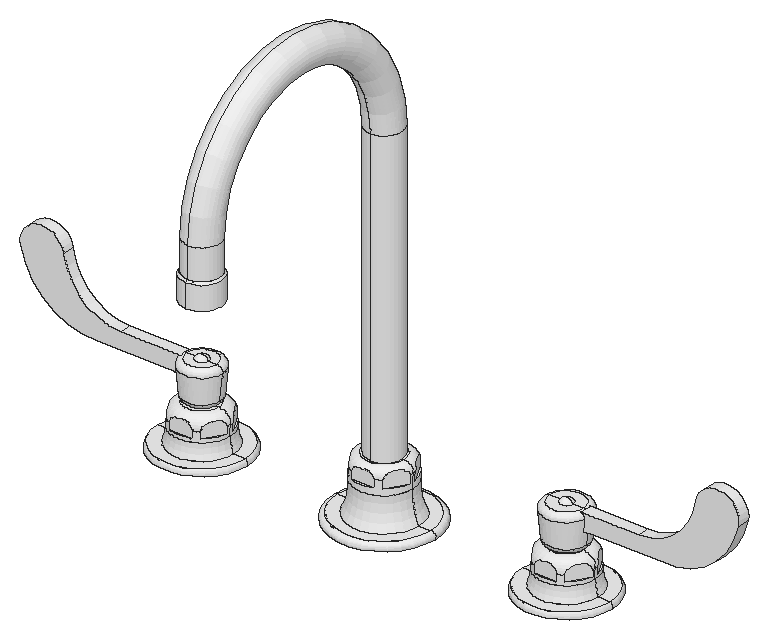
Revit family "Faucet-Lavatory-American_Standard-Monterrey-6540.17x_Series", category Plumbing Fixtures, Revit 2019
Family settings
  Round Connector Dimension = Use Diameter
  Part Type = Normal
  OmniClass Number = 23.45.55.17
  OmniClass Title = Mixing Faucets
  Work Plane-Based = Yes
  Always vertical = No
  Cut with Voids When Loaded = No
  Shared = Yes
  Room Calculation Point = No
Parameters (values of type "6540.170.002")
  Waste Connection = no
  Warranty Information = "5 Year Limited Warranty for Commercial Installations"  # constant formula
  WFU = 0
  Vent Connection = no
  URL = "http://www.americanstandard-us.com/"
  Spout Reach = 5"
  Revised Date = "06/08/2021"  # constant formula
  Reach Height = 6 1/2"
  Product Page URL = "https://www.americanstandard-us.com/bathroom/commercial-faucets/monterrey-8-inch-widespread-faucet-rigidswivel-gooseneck-spout-15-gpm-20128"
  Product Documentation Link = "https://www.americanstandard-us.com/-/media/sites/asus/files/product-specs/bulk/specsheet6540170.pdf?la=en"
  Price = "Prices may vary. Please consult Manufacturer Representative for most up-to-date price list."  # constant formula
  Model = "6540.170.002"
  Material = "Metal-American Standard-002-Polished Chrome"
  Manufacturer = "American Standard"
  Length = 15 3/4"
  Installation Type = "Deck Mounted"
  IAPMO Compliance = "These products meet or exceeds: ASME A112.18.1,CSA B125.1,NSF 372"  # constant formula
  Hot Water Connection Diameter = 1/2"  # constant formula
  Height = 10 5/8"
  Handle Distance = 8"  # constant formula
  HWFU = 1.5  # constant formula
  HW Connection = yes
  Flow Rate = "1.5 gpm (5.7 L/min)"
  Finish = Metal-American Standard-002-Polished Chrome
  Description = "Monterrey 8 Inch Widespread Faucet, Rigid/Swivel Gooseneck Spout"
  Default Elevation = 0"
  Creation Date = "02/25/2016"  # constant formula
  Cold Water Connection Diameter = 1/2"  # constant formula
  CalGreen Compliant = no
  CWFU = 1.5  # constant formula
  CW Connection = yes
  Assembly Code = "D2020300"
  ADA Compliant = yes
Types (8): name | Spout Reach | Reach Height | Product Page URL | Product Documentation Link | Model | Height | Flow Rate | Description | CalGreen Compliant
  (no name) | 5" | 6 1/2" | "https://www.americanstandard-us.com/bathroom/commercial-faucets/monterrey-8-inch-widespread-faucet-rigidswivel-gooseneck-spout-15-gpm-20128" | "https://www.americanstandard-us.com/-/media/sites/asus/files/product-specs/bulk/specsheet6540170.pdf?la=en" | "6540.170.002" | 10 5/8" | "1.5 gpm (5.7 L/min)" | "Monterrey 8 Inch Widespread Faucet, Rigid/Swivel Gooseneck Spout" | no
  6540.170.002 | 5" | 6 1/2" | "https://www.americanstandard-us.com/bathroom/commercial-faucets/monterrey-8-inch-widespread-faucet-rigidswivel-gooseneck-spout-15-gpm-20128" | "https://www.americanstandard-us.com/-/media/sites/asus/files/product-specs/bulk/specsheet6540170.pdf?la=en" | "6540.170.002" | 10 5/8" | "1.5 gpm (5.7 L/min)" | "Monterrey 8 Inch Widespread Faucet, Rigid/Swivel Gooseneck Spout" | no
  6540.171.002 | 5" | 5" | "https://www.americanstandard-us.com/bathroom/commercial-faucets/monterrey-8-inch-widespread-faucet-rigidswivel-gooseneck-spout-15-gpm-rose-spray-23121" | "https://www.americanstandard-us.com/-/media/sites/asus/files/product-specs/bulk/specsheet6540171.pdf?la=en" | "6540.171.002" | 10 1/2" | "1.5 gpm (5.7 L/min)" | "Monterrey 8 Inch Widespread Faucet, Rigid/Swivel Gooseneck Spout" | no
  6540.173.002 | 5" | 6 1/2" | "https://www.americanstandard-us.com/bathroom/commercial-faucets/monterrey-8-inch-widespread-faucet-with-rigidswivel-gooseneck-spout-and-3rd-water-inlet-15-g-28459" | "https://www.americanstandard-us.com/-/media/sites/asus/files/product-specs/commerical-faucets/specsheet-6540173.pdf?la=en" | "6540.173.002" | 10 5/8" | "1.5 gpm (5.7 L/min)" | "Monterrey 8 Inch Widespread Faucet, Rigid/Swivel Gooseneck Spout" | no
  6540.174.002 | 5" | 6 1/2" | "https://www.americanstandard-us.com/bathroom/commercial-faucets/monterrey-8-inch-widespread-faucet-rigidswivel-gooseneck-spout-035-gpm-22502" | "https://www.americanstandard-us.com/-/media/sites/asus/files/product-specs/bulk/specsheet6540174.pdf?la=en" | "6540.174.002" | 10 5/8" | "0.35 gpm (1.3L/min)" | "Monterrey 8 Inch Widespread Faucet, Rigid/Swivel Gooseneck Spout" | yes
  6540.175.002 | 5" | 6 1/2" | "https://www.americanstandard-us.com/bathroom/commercial-faucets/monterrey-8-inch-widespread-faucet-rigidswivel-gooseneck-spout-05-gpm-20435" | "https://www.americanstandard-us.com/-/media/sites/asus/files/product-specs/bulk/specsheet6540175.pdf?la=en" | "6540.175.002" | 10 5/8" | "0.5 gpm (1.9 L/min)" | "Monterrey 8 Inch Widespread Faucet, Rigid/Swivel Gooseneck Spout" | yes
  6540.177.002 | 8" | 6" | "https://www.americanstandard-us.com/bathroom/commercial-faucets/monterrey-8-inch-widespread-gooseneck-faucet-8-inch-spout-reach-05-gpm-23129" | "https://www.americanstandard-us.com/-/media/sites/asus/files/product-specs/bulk/specsheet6540177.pdf?la=en" | "6540.177.002" | 10 1/2" | "0.5 gpm (1.9 L/min)" | "Monterrey 8 Inch Widespread Gooseneck Faucet, 8 Inch Spout Reach" | yes
  6540.178.002 | 8" | 6" | "https://www.americanstandard-us.com/bathroom/commercial-faucets/monterrey-8-inch-widespread-gooseneck-faucet-8-inch-spout-reach-15-gpm-23125" | "https://www.americanstandard-us.com/-/media/sites/asus/files/product-specs/bulk/specsheet6540178.pdf?la=en" | "6540.178.002" | 10 1/2" | "1.5 gpm (5.7 L/min)" | "Monterrey 8 Inch Widespread Gooseneck Faucet, 8 Inch Spout Reach" | no
Reference planes (in)
  plane 1 "Center (Front/Back)": y = 0
  plane 2: z = 0
  plane 3 "Center (Left/Right)": x = 0
  plane 4: z = 10.625
  plane 5: y = -5
  plane 6: z = 6.5
  plane 7: x = 4
  plane 8: x = -4
  plane 9: x = -5
  plane 10: z = 0.17426
  plane 11: y = -0.375
  plane 12: y = -5.375
  plane 13: x = -3
  plane 14: x = 5
  plane 15: x = 3
  plane 16: x = 0.37856
  plane 17: x = -0.37856
  plane 18: x = -7.875
  plane 19: x = 7.875
Forms (in)
  Sweep 1, solid, material "Metal-American Standard-002-Polished Chrome" <- "Finish"
    path origin (0, 0, -1.50409) x (0, 1, 0) y (0, 0, 1)
      loop
        line (0, 2.52781) -> (0, 9.24965)
        arc (0, 9.24965) -> (-2.5, 11.74965) -> (-5, 9.24965) r 2.5
        line (-5, 9.24965) -> (-5, 8.24965)
    profile origin (0, 0, 4.38465) x (0, -1, 0) y (1, 0, 0)
      loop
        circle (0, 0) r 0.37856
  Revolve 2, solid, material "Metal-American Standard-002-Polished Chrome" <- "Finish"
    sketch origin (0, 4.5, -0.45291) x (0, 1, 0) y (0, 0, 1)
      loop
        line (-9.92726, 7.48224) -> (-9.92726, 6.98147) -> (-9.88892, 6.98147) -> (-9.86892, 6.95291) -> (-9.5, 6.95291) -> (-9.5, 7.53052) -> (-9.89345, 7.53052) -> (-9.92726, 7.48224)
      axis (-9.5, 7.53052) -> (-9.5, 6.95291)
    angle from 0 to 360
  Revolve 3, solid, material "Metal-American Standard-002-Polished Chrome" <- "Finish"
    sketch origin (0, 0, 0) x (1, 0, 0) y (0, 0, 1)
      loop
        arc (-4, 1.83383) -> (-4.07786, 1.81554) -> (-4.13264, 1.75726) r 0.13852
        line (-4.13264, 1.75726) -> (-4.32791, 1.75726)
        arc (-4.32791, 1.75726) -> (-4.42046, 1.71627) -> (-4.45232, 1.62019) r 0.125
        line (-4.45232, 1.62019) -> (-4.39778, 1.05773)
        arc (-4.39778, 1.05773) -> (-4.36565, 0.99373) -> (-4.29886, 0.96794) r 0.09938
        line (-4.29886, 0.96794) -> (-4.17228, 0.96794) -> (-4.17228, 0.93) -> (-4.37285, 0.93)
        arc (-4.37285, 0.93) -> (-4.55339, 0.85294) -> (-4.62262, 0.66927) r 0.25
        line (-4.62262, 0.66927) -> (-4.62262, 0.45123)
        arc (-4.62262, 0.45123) -> (-4.63597, 0.28237) -> (-4.68685, 0.12081) r 0.75054
        line (-4.68685, 0.12081) -> (-4.95648, 0.12081)
        arc (-4.95648, 0.12081) -> (-4.99181, 0.0653) -> (-5, 0) r 0.15007
        line (-5, 0) -> (-4, 0) -> (-4, 1.83383)
      axis (-4, 1.83383) -> (-4, 0)
    angle from 0 to 360
  Revolve 4, solid, material "Metal-American Standard-002-Polished Chrome" <- "Finish"
    sketch origin (0, 0, 0) x (1, 0, 0) y (0, 0, 1)
      loop
        line (0, 0) -> (0, 1.32462) -> (-0.42891, 1.32462)
        arc (-0.42891, 1.32462) -> (-0.57144, 1.26558) -> (-0.63047, 1.12306) r 0.20156
        line (-0.63047, 1.12306) -> (-0.63047, 0.82462)
        arc (-0.63047, 0.82462) -> (-0.63991, 0.47235) -> (-0.76259, 0.142) r 1.07672
        line (-0.76259, 0.142) -> (-1.02139, 0.142)
        arc (-1.02139, 0.142) -> (-1.1063, 0.09564) -> (-1.12082, 0) r 0.1089
        line (-1.12082, 0) -> (0, 0)
      axis (0, 1.32462) -> (0, 0)
    angle from 0 to 360
  Extrusion 5, void
    sketch origin (0, 0, 0) x (1, 0, 0) y (0, 1, 0)
      loop
        line (-0.66376, 0) -> (-0.33188, -0.57483) -> (0.33188, -0.57483) -> (0.66376, 0) -> (0.33188, 0.57483) -> (-0.33188, 0.57483) -> (-0.66376, 0)
      loop
        circle (0, 0) r 0.75
    from 0.957 to 1.38415
  Extrusion 6, void
    sketch origin (0, 0, 0) x (1, 0, 0) y (0, 1, 0)
      loop
        line (-3.34125, 0) -> (-3.67062, 0.5705) -> (-4.32938, 0.5705) -> (-4.65875, 0) -> (-4.32938, -0.5705) -> (-3.67062, -0.5705) -> (-3.34125, 0)
      loop
        circle (-4, 0) r 0.70724
    from 0.93221 to 0.524
  Revolve 7, solid, material "Metal-American Standard-002-Polished Chrome" <- "Finish"
    sketch origin (0, 0, 0) x (-1, 0, 0) y (0, 0, -1)
      loop
        line (-4, -1.83383) -> (-4, 0) -> (-5, 0)
        arc (-5, 0) -> (-4.99181, -0.0653) -> (-4.95648, -0.12081) r 0.15007
        line (-4.95648, -0.12081) -> (-4.68685, -0.12081)
        arc (-4.68685, -0.12081) -> (-4.63597, -0.28237) -> (-4.62262, -0.45123) r 0.75054
        line (-4.62262, -0.45123) -> (-4.62262, -0.66927)
        arc (-4.62262, -0.66927) -> (-4.55339, -0.85294) -> (-4.37285, -0.93) r 0.25
        line (-4.37285, -0.93) -> (-4.17228, -0.93) -> (-4.17228, -0.96794) -> (-4.34595, -0.96794)
        arc (-4.34595, -0.96794) -> (-4.41275, -0.99373) -> (-4.44487, -1.05773) r 0.09938
        line (-4.44487, -1.05773) -> (-4.49942, -1.62019)
        arc (-4.49942, -1.62019) -> (-4.46756, -1.71627) -> (-4.375, -1.75726) r 0.125
        line (-4.375, -1.75726) -> (-4.13264, -1.75726)
        arc (-4.13264, -1.75726) -> (-4.07786, -1.81554) -> (-4, -1.83383) r 0.13852
      axis (-4, -1.83383) -> (-4, 0)
    angle from 0 to 360
  Extrusion 8, void
    sketch origin (0, 0, 0) x (-1, 0, 0) y (0, -1, 0)
      loop
        line (-3.34125, 0) -> (-3.67062, 0.5705) -> (-4.32938, 0.5705) -> (-4.65875, 0) -> (-4.32938, -0.5705) -> (-3.67062, -0.5705) -> (-3.34125, 0)
      loop
        circle (-4, 0) r 0.70724
    from 0.93221 to 0.524
  Extrusion 9, solid, material "Metal-American Standard-002-Polished Chrome" <- "Finish"
    sketch origin (0, 0, 0) x (-1, 0, 0) y (0, 0, -1)
      loop
        arc (-6.17228, -1.40079) -> (-7.25828, -1.72432) -> (-7.875, -2.67496) r 1.63938
        arc (-7.875, -2.67496) -> (-7.48691, -3.22952) -> (-6.92805, -2.84766) r 0.48132
        arc (-6.92805, -2.84766) -> (-6.51546, -2.06427) -> (-5.68745, -1.7507) r 1.25
        line (-5.68745, -1.7507) -> (-4, -1.7507) -> (-4, -1.18458) -> (-4.19638, -1.18458)
        arc (-4.19638, -1.18458) -> (-4.38259, -1.34362) -> (-4.62072, -1.40079) r 0.52452
        line (-4.62072, -1.40079) -> (-6.17228, -1.40079)
    from -0.125 to 0.125
  Extrusion 10, solid, material "Metal-American Standard-002-Polished Chrome" <- "Finish"
    sketch origin (0, 0, 0) x (1, 0, 0) y (0, 0, 1)
      loop
        line (-6.17228, 1.40079) -> (-4.62072, 1.40079)
        arc (-4.62072, 1.40079) -> (-4.38259, 1.34362) -> (-4.19638, 1.18458) r 0.52452
        line (-4.19638, 1.18458) -> (-4, 1.18458) -> (-4, 1.7507) -> (-5.68745, 1.7507)
        arc (-5.68745, 1.7507) -> (-6.51546, 2.06427) -> (-6.92805, 2.84766) r 1.25
        arc (-6.92805, 2.84766) -> (-7.48691, 3.22952) -> (-7.875, 2.67496) r 0.48132
        arc (-7.875, 2.67496) -> (-7.25828, 1.72432) -> (-6.17228, 1.40079) r 1.63938
    from -0.125 to 0.125
Cuts and joins
  Extrusion 5 cuts Sweep 1
  Extrusion 5 cuts Revolve 4
  joined: Sweep 1, Revolve 2, Revolve 4
  Extrusion 6, Extrusion 8 cuts Revolve 3
  Extrusion 8 cuts Revolve 7
  joined: Revolve 3, Revolve 7, Extrusion 9, Extrusion 10
Lines and regions (in)
  Masking region 1
    outline origin (0, 0, 0) x (1, 0, 0) y (0, 1, 0)
      loop
        line (-4.99216, 0.125) -> (-7.875, 0.125) -> (-7.875, -0.125) -> (-4.99216, -0.125)
        arc (-4.99216, -0.125) -> (-3, 0) -> (-4.99216, 0.125) r 1
      loop
        line (7.875, 0.125) -> (4.99216, 0.125)
        arc (4.99216, 0.125) -> (3, 0) -> (4.99216, -0.125) r 1
        line (4.99216, -0.125) -> (7.875, -0.125) -> (7.875, 0.125)
      loop
        line (-0.37856, -1.05496) -> (-0.37856, -4.80191)
        arc (-0.37856, -4.80191) -> (0, -5.42726) -> (0.37856, -4.80191) r 0.42726
        line (0.37856, -4.80191) -> (0.37856, -1.05496)
        arc (0.37856, -1.05496) -> (0, 1.12082) -> (-0.37856, -1.05496) r 1.12082
  symbolic lines, detail levels fine
    curve 1: circle (-4, 0, 0) r 0.13264 normal (0, 0, -1)
    curve 3: arc (-0.37856, -0.50417, 0) -> (0.00635, 0.63044, 0) -> (0.36833, -0.51169, 0) r 0.63047
    curve 7: circle (4, 0, 0) r 0.13264 normal (0, 0, 1)
    curve 13: arc (4.67538, 0.125, 0) -> (3.31315, 0, 0) -> (4.67538, -0.125, 0) r 0.68685
    curve 16: arc (-4.67538, 0.125, 0) -> (-3.31315, 0, 0) -> (-4.67538, -0.125, 0) r 0.68685
  symbolic lines, detail levels medium+fine
    curve 2: arc (0.37856, -0.66199, 0) -> (0, 0.76259, 0) -> (-0.37856, -0.66199, 0) r 0.76259
    curve 4: arc (-0.37856, 0, 0) -> (0, 0.37856, 0) -> (0.37856, 0, 0) r 0.37856
    curve 5: line (0.37856, 0, 0) -> (0.37856, -1.05496, 0)
    curve 6: line (-0.37856, 0, 0) -> (-0.37856, -1.05496, 0)
    curve 8: arc (-0.375, -4.88091, 0) -> (0, -5.39345, 0) -> (0.375, -4.88091, 0) r 0.39345
    curve 9: line (0.375, -4.79524, 0) -> (0.375, -4.88091, 0)
    curve 10: line (-0.375, -4.79524, 0) -> (-0.375, -4.88091, 0)
    curve 11: line (4.99216, 0.125, 0) -> (4.43532, 0.125, 0)
    curve 12: line (4.99216, -0.125, 0) -> (4.43532, -0.125, 0)
    curve 14: line (-4.99216, 0.125, 0) -> (-4.43532, 0.125, 0)
    curve 15: line (-4.99216, -0.125, 0) -> (-4.43532, -0.125, 0)
    curve 17: arc (-4.43532, -0.125, 0) -> (-3.54709, 0, 0) -> (-4.43532, 0.125, 0) r 0.45291
    curve 18: arc (4.43532, -0.125, 0) -> (3.54709, 0, 0) -> (4.43532, 0.125, 0) r 0.45291
Dimensions and locks (in)
  "Height": plane 4 to level
  "Spout Reach": plane 1 "Center (Front/Back)" to plane 5
  locked: Sweep 1 sketch curve to plane 11 at 0.375
  locked: plane 4 to Sweep 1 sketch curve at 2.87943
  locked: Sweep 1 sketch curve to plane 12 at 0.375
  locked: plane 5 to plane 12 at 0.375
  locked: plane 9 to plane 8 at 1
  locked: plane 13 to plane 8 at 1
  plane 15 to plane 7 to plane 14 = 1" locked, 1" locked
  "Handle Distance": plane 7 to plane 8
  equal spacing: plane 7, plane 3 "Center (Left/Right)", plane 8
  equal spacing: plane 19, plane 3 "Center (Left/Right)", plane 18
  "Length": plane 19 to plane 18
  "Reach Height": plane 6 to level
  aligned and locked: Revolve 3 sketch curve to Revolve 3 sketch curve
  aligned and locked: Revolve 3 sketch curve to plane 8
  aligned and locked: Revolve 7 sketch curve to Revolve 7 sketch curve
  aligned and locked: plane 14 to Revolve 7 sketch curve
  aligned and locked: Masking region 1 sketch curve to cut or joined group of Revolve 3, Extrusion 6, Revolve 7, Extrusion 8, Extrusion 9, Extrusion 10  (x2)
  aligned and locked: cut or joined group of Revolve 3, Extrusion 6, Revolve 7, Extrusion 8, Extrusion 9, Extrusion 10 to Masking region 1 sketch curve  (x2)
  aligned and locked: Masking region 1 sketch curve to cut or joined group of Sweep 1, Revolve 2, Revolve 4, Extrusion 5
  aligned and locked: Masking region 1 sketch curve to Revolve 2
  aligned and locked: plane 16 to Masking region 1 sketch curve
  aligned and locked: Masking region 1 sketch curve to plane 17
  aligned and locked: curve 1 to cut or joined group of Revolve 3, Extrusion 6, Revolve 7, Extrusion 8, Extrusion 9, Extrusion 10
  aligned and locked: curve 2 to cut or joined group of Sweep 1, Revolve 2, Revolve 4, Extrusion 5
  aligned and locked: curve 3 to cut or joined group of Sweep 1, Revolve 2, Revolve 4, Extrusion 5
  aligned and locked: curve 4 to cut or joined group of Sweep 1, Revolve 2, Revolve 4, Extrusion 5
  aligned and locked: curve 8 to Revolve 2
  aligned and locked: plane 16 to curve 5
  aligned and locked: plane 17 to curve 6
Automatic sketch dimensions
  curve 1 to curve 16 = 0"  (x2)
  curve 1 to curve 17 = 0"  (x2)
  curve 7 to curve 13 = 0"  (x2)
  curve 7 to curve 18 = 0"  (x2)
  curve 13 to curve 18 = 0"  (x2)
  plane 1 "Center (Front/Back)" to curve 18 = 0"
  curve 18 to plane 7 = 0"
  plane 1 "Center (Front/Back)" to curve 15 = 1/8"
  curve 15 to plane 8 = 0.43532"
  curve 14 to plane 1 "Center (Front/Back)" = 1/8"
  curve 10 to plane 5 = 0.11909"
  curve 9 to plane 5 = 0.11909"
  curve 11 to plane 1 "Center (Front/Back)" = 1/8"
  curve 11 to plane 7 = 0.43532"
  plane 1 "Center (Front/Back)" to curve 12 = 1/8"
  curve 16 to curve 15 = 0.24006"
  curve 15 to plane 9 = 0.00784"
  curve 14 to plane 9 = 0.00784"
  curve 3 to curve 2 = 0.01023"
  curve 18 to curve 13 = 0.24006"
  curve 11 to plane 14 = 0.00784"
  curve 12 to plane 14 = 0.00784"
  curve 9 to curve 9 = 0.08567"
  curve 10 to curve 10 = 0.08567"
  curve 6 to curve 2 = 0.39297"
  curve 5 to curve 2 = 0.39297"
  plane 6 to Sweep 1 sketch curve = 0.24557"
  level to Sweep 1 sketch curve = 1.02373"
  Sweep 1 sketch curve to profile plane = 0"  (x2)
  Revolve 2 sketch curve to plane 6 = 0"
  Revolve 2 sketch curve to plane 5 = 0"  (x2)
  Revolve 2 sketch curve to plane 12 = 0.00608"
  plane 12 to Revolve 2 sketch curve = 0.01392"
  plane 12 to Revolve 2 sketch curve = 0.01845"
  Revolve 2 sketch curve to Revolve 2 sketch curve = 0.03834"
  plane 6 to Revolve 2 sketch curve = 0.02857"
  Revolve 2 sketch curve to Revolve 2 sketch curve = 0.50077"
  Revolve 2 sketch curve to Revolve 2 sketch curve = 0.04828"
  Revolve 2 sketch curve to Revolve 2 sketch curve = 1.85153"
  Revolve 2 sketch curve to Revolve 2 sketch curve = 0.17914"
  Revolve 3 sketch curve to level = 0"
  plane 9 to Revolve 3 sketch curve = 0"
  plane 9 to Revolve 3 sketch curve = 0.37273"
  Revolve 3 sketch curve to plane 9 = 0.04352"
  level to Revolve 3 sketch curve = 0.01443"
  Revolve 3 sketch curve to plane 9 = 0.14937"
  Revolve 3 sketch curve to Revolve 3 sketch curve = 0.16378"
  Revolve 3 sketch curve to plane 9 = 0.37738"
  Revolve 3 sketch curve to plane 8 = 0.45232"
  Revolve 3 sketch curve to plane 8 = 0.39778"
  Revolve 3 sketch curve to Revolve 3 sketch curve = 0.02492"
  Revolve 3 sketch curve to Revolve 3 sketch curve = 0.12442"
  Revolve 3 sketch curve to Revolve 3 sketch curve = 0.07399"
  Revolve 3 sketch curve to Revolve 3 sketch curve = 0.12658"
  Revolve 3 sketch curve to plane 8 = 0.13264"
  Revolve 3 sketch curve to plane 8 = 0.00861"
  level to Revolve 3 sketch curve = 0.42558"
  Revolve 3 sketch curve to Revolve 3 sketch curve = 0.21804"
  Revolve 3 sketch curve to Revolve 3 sketch curve = 0.01074"
  Revolve 3 sketch curve to Revolve 3 sketch curve = 0.03794"
  Revolve 3 sketch curve to Revolve 3 sketch curve = 0.12773"
  Revolve 3 sketch curve to Revolve 3 sketch curve = 0.56246"
  Revolve 3 sketch curve to Revolve 3 sketch curve = 0.01207"
  Revolve 3 sketch curve to Revolve 3 sketch curve = 0.06167"
  Revolve 3 sketch curve to level = 0.17825"
  Revolve 3 sketch curve to Revolve 3 sketch curve = 0.45282"
  Revolve 4 sketch curve to level = 0"
  Revolve 4 sketch curve to plane 3 "Center (Left/Right)" = 0"  (x2)
  Revolve 4 sketch curve to Revolve 4 sketch curve = 0.42891"
  Revolve 4 sketch curve to Revolve 4 sketch curve = 0.20156"
  plane 10 to Revolve 4 sketch curve = 0.03226"
  Revolve 4 sketch curve to Revolve 4 sketch curve = 0.13211"
  level to Revolve 4 sketch curve = 0.03318"
  Revolve 4 sketch curve to Revolve 4 sketch curve = 0.25451"
  Revolve 4 sketch curve to Revolve 4 sketch curve = 0.0043"
  Revolve 4 sketch curve to Revolve 4 sketch curve = 0.67562"
  level to Revolve 4 sketch curve = 0.67694"
  Revolve 4 sketch curve to Revolve 4 sketch curve = 0.29844"
  Revolve 4 sketch curve to Revolve 4 sketch curve = 0.30223"
  Revolve 4 sketch curve to Revolve 4 sketch curve = 0.12315"
  plane 1 "Center (Front/Back)" to Extrusion 5 sketch curve = 0"  (x3)
  Extrusion 5 sketch curve to plane 3 "Center (Left/Right)" = 0"
  Extrusion 5 sketch curve to plane 3 "Center (Left/Right)" = 0.33188"  (x2)
  Extrusion 5 sketch curve to Extrusion 5 sketch curve = 0.33188"  (x2)
  plane 3 "Center (Left/Right)" to Extrusion 5 sketch curve = 0.33188"  (x2)
  plane 1 "Center (Front/Back)" to Extrusion 5 sketch curve = 0.57483"
  Extrusion 5 sketch curve to plane 1 "Center (Front/Back)" = 0.57483"
  plane 1 "Center (Front/Back)" to Extrusion 6 sketch curve = 0"  (x3)
  Extrusion 6 sketch curve to plane 8 = 0"
  Extrusion 6 sketch curve to plane 8 = 0.32938"  (x2)
  Extrusion 6 sketch curve to plane 9 = 0.34125"
  plane 8 to Extrusion 6 sketch curve = 0.32938"  (x2)
  Extrusion 6 sketch curve to plane 13 = 0.34125"
  plane 1 "Center (Front/Back)" to Extrusion 6 sketch curve = 0.5705"
  Extrusion 6 sketch curve to plane 1 "Center (Front/Back)" = 0.5705"
  Revolve 7 sketch curve to level = 0"
  plane 7 to Revolve 7 sketch curve = 0"
  plane 14 to Revolve 7 sketch curve = 0.37273"
  Revolve 7 sketch curve to plane 14 = 0.04352"
  level to Revolve 7 sketch curve = 0.01443"
  Revolve 7 sketch curve to plane 14 = 0.14937"
  Revolve 7 sketch curve to Revolve 7 sketch curve = 0.16378"
  Revolve 7 sketch curve to plane 14 = 0.37738"
  Revolve 7 sketch curve to plane 7 = 0.49942"
  Revolve 7 sketch curve to Revolve 7 sketch curve = 0.17775"
  Revolve 7 sketch curve to Revolve 7 sketch curve = 0.12442"
  Revolve 7 sketch curve to Revolve 7 sketch curve = 0.24977"
  Revolve 7 sketch curve to Revolve 7 sketch curve = 0.0269"
  Revolve 7 sketch curve to plane 7 = 0.17228"
  Revolve 7 sketch curve to plane 7 = 0.13264"
  Revolve 7 sketch curve to plane 7 = 0.00861"
  level to Revolve 7 sketch curve = 0.42558"
  Revolve 7 sketch curve to Revolve 7 sketch curve = 0.21804"
  Revolve 7 sketch curve to Revolve 7 sketch curve = 0.01074"
  Revolve 7 sketch curve to Revolve 7 sketch curve = 0.03794"
  Revolve 7 sketch curve to Revolve 7 sketch curve = 0.08979"
  Revolve 7 sketch curve to Revolve 7 sketch curve = 0.56246"
  Revolve 7 sketch curve to Revolve 7 sketch curve = 0.01207"
  Revolve 7 sketch curve to Revolve 7 sketch curve = 0.06167"
  Revolve 7 sketch curve to level = 0.17825"
  Revolve 7 sketch curve to Revolve 7 sketch curve = 0.45282"
  plane 1 "Center (Front/Back)" to Extrusion 8 sketch curve = 0"  (x3)
  Extrusion 8 sketch curve to plane 7 = 0"
  plane 7 to Extrusion 8 sketch curve = 0.32938"  (x2)
  plane 14 to Extrusion 8 sketch curve = 0.34125"
  Extrusion 8 sketch curve to plane 7 = 0.32938"  (x2)
  plane 15 to Extrusion 8 sketch curve = 0.34125"
  Extrusion 8 sketch curve to plane 1 "Center (Front/Back)" = 0.5705"
  plane 1 "Center (Front/Back)" to Extrusion 8 sketch curve = 0.5705"
  plane 19 to Extrusion 9 sketch curve = 0"
  plane 7 to Extrusion 9 sketch curve = 0"
  Extrusion 9 sketch curve to plane 19 = 0.47444"
  Extrusion 9 sketch curve to Extrusion 9 sketch curve = 1.12449"
  Extrusion 9 sketch curve to plane 14 = 1.17228"
  Extrusion 9 sketch curve to Extrusion 9 sketch curve = 0.48482"
  plane 14 to Extrusion 9 sketch curve = 0.37928"
  plane 7 to Extrusion 9 sketch curve = 0.19638"
  Extrusion 9 sketch curve to level = 0.87627"
  Extrusion 9 sketch curve to Extrusion 9 sketch curve = 0.3083"
  Extrusion 9 sketch curve to Extrusion 9 sketch curve = 0.56612"
  Extrusion 9 sketch curve to Extrusion 9 sketch curve = 1.35523"
  Extrusion 9 sketch curve to Extrusion 9 sketch curve = 1 1/4"
  Extrusion 9 sketch curve to Extrusion 9 sketch curve = 0.03619"
  Masking region 1 sketch curve to plane 18 = 0"
  Masking region 1 sketch curve to plane 19 = 0"
  Masking region 1 sketch curve to plane 9 = 0.00784"  (x2)
  plane 18 to Extrusion 10 sketch curve = 0"
  Extrusion 10 sketch curve to plane 8 = 0"
  plane 18 to Extrusion 10 sketch curve = 0.47444"
  Extrusion 10 sketch curve to Extrusion 10 sketch curve = 1.12449"
  plane 9 to Extrusion 10 sketch curve = 1.17228"
  Extrusion 10 sketch curve to Extrusion 10 sketch curve = 0.48482"
  Extrusion 10 sketch curve to plane 9 = 0.37928"
  Extrusion 10 sketch curve to plane 8 = 0.19638"
  level to Extrusion 10 sketch curve = 0.87627"
  Extrusion 10 sketch curve to Extrusion 10 sketch curve = 0.3083"
  Extrusion 10 sketch curve to Extrusion 10 sketch curve = 0.56612"
  Extrusion 10 sketch curve to Extrusion 10 sketch curve = 1.35523"
  Extrusion 10 sketch curve to Extrusion 10 sketch curve = 1 1/4"
  Extrusion 10 sketch curve to Extrusion 10 sketch curve = 0.03619"
  radius of curve 7 = 0.13264"
  radius of Sweep 1 sketch curve = 0.37856"
  radius of Extrusion 5 sketch curve = 3/4"
  radius of Extrusion 6 sketch curve = 0.70724"
  radius of Extrusion 8 sketch curve = 0.70724"
Connectors (in)
  piping at (-4, 0, 0), diameter 0.5, driven by "HWFU", driven by "Hot Water Connection Diameter"
    settings: on cut or joined group of Revolve 3, Extrusion 6, Revolve 7, Extrusion 8, Extrusion 9, Extrusion 10, index 1, connector inside diameter 24", connector length 0", flow factor 0, pipe flow 0 GPM, pressure drop 0.00 psi, fitting loss kfactor 0, connector angle 0.00°, fixture units 1.5, engagement length 0", angle of deflection 0.00°, flow configuration 3, flow direction 1, fitting loss method 0, system type 19, joint type 0, gender type 0, connector reference index -1, connector utility 0, adjustable connector no, is connector primary yes, connector description "1/2\" NPSM HW Inlet Supply"
  piping at (4, 0, 0), diameter 0.5, driven by "CWFU", driven by "Cold Water Connection Diameter"
    settings: on cut or joined group of Revolve 3, Extrusion 6, Revolve 7, Extrusion 8, Extrusion 9, Extrusion 10, index 2, connector inside diameter 24", connector length 0", flow factor 0, pipe flow 0 GPM, pressure drop 0.00 psi, fitting loss kfactor 0, connector angle 0.00°, fixture units 1.5, engagement length 0", angle of deflection 0.00°, flow configuration 3, flow direction 1, fitting loss method 0, system type 20, joint type 0, gender type 0, connector reference index -1, connector utility 0, adjustable connector no, is connector primary no, connector description "1/2\" NPSM CW Inlet Supply"
